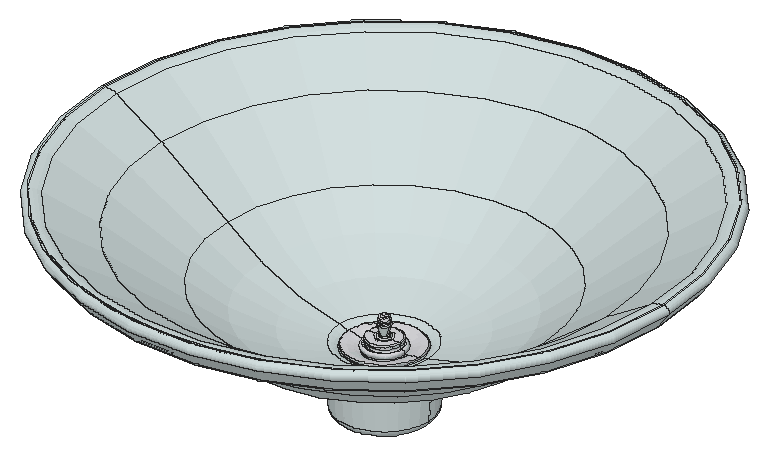
Revit family "Sink-Vessel-Lavatory-KOHLER-DERRING_CARILLON-K-17890BR_1", category Plumbing Fixtures, host Face, Revit 2017 (continued)
Definition of nested family "K-17890BR"
  Lines and regions (in)
    symbolic lines, detail levels medium+fine
      curve 1143: line (3.53175, -4.85848, 0) -> (3.01858, -4.26815, 0)
      curve 1144: line (3.53175, -4.85848, 0) -> (3.12522, -4.2079, 0)
      curve 1145: line (3.84821, -4.56814, 0) -> (3.32725, -4.04719, 0)
      curve 1146: line (3.84821, -4.56814, 0) -> (3.41866, -3.99811, 0)
      curve 1147: line (4.17215, -4.31297, 0) -> (3.60744, -3.82207, 0)
      curve 1148: line (4.17215, -4.31297, 0) -> (3.69161, -3.74029, 0)
      curve 1149: line (4.45363, -4.01023, 0) -> (3.85998, -3.56287, 0)
      curve 1150: line (4.45363, -4.01023, 0) -> (3.9187, -3.47529, 0)
      curve 1151: line (4.7129, -3.68647, 0) -> (4.08034, -3.27568, 0)
      curve 1152: line (4.7129, -3.68647, 0) -> (4.15236, -3.18175, 0)
      curve 1153: line (4.9525, -3.34924, 0) -> (4.30308, -2.9743, 0)
      curve 1154: line (4.9525, -3.34924, 0) -> (4.36463, -2.8732, 0)
      curve 1155: line (5.19462, -3.00368, 0) -> (4.49797, -2.6639, 0)
      curve 1156: line (5.19462, -3.00368, 0) -> (4.56426, -2.56229, 0)
      curve 1157: line (5.40552, -2.63358, 0) -> (4.67538, -2.35331, 0)
      curve 1158: line (5.40552, -2.63358, 0) -> (4.75789, -2.25967, 0)
      curve 1159: line (5.56458, -2.25272, 0) -> (4.86254, -2.02462, 0)
      curve 1160: line (5.56458, -2.25272, 0) -> (4.88814, -1.90805, 0)
      curve 1161: line (5.69608, -1.84859, 0) -> (4.98418, -1.65784, 0)
      curve 1162: line (5.69608, -1.84859, 0) -> (4.99936, -1.5671, 0)
      curve 1163: line (5.80103, -1.44546, 0) -> (5.07115, -1.31676, 0)
      curve 1164: line (5.80103, -1.44546, 0) -> (5.08184, -1.21178, 0)
      curve 1165: line (5.91516, -1.04438, 0) -> (5.12987, -0.97567, 0)
      curve 1166: line (5.91516, -1.04438, 0) -> (5.17629, -0.86016, 0)
      curve 1167: line (5.99196, -0.62972, 0) -> (5.2125, -0.6025, 0)
      curve 1168: line (5.99196, -0.62972, 0) -> (5.22663, -0.49477, 0)
      curve 1169: arc (5.2125, -0.6025, 0) -> (5.0784, -0.71503, 0) -> (5.17629, -0.86016, 0) r 0.13081
      curve 1170: arc (5.12987, -0.97567, 0) -> (5.00049, -1.07229, 0) -> (5.08184, -1.21178, 0) r 0.12125
      curve 1171: arc (4.99936, -1.5671, 0) -> (4.92255, -1.40961, 0) -> (5.07115, -1.31676, 0) r 0.13093
      curve 1172: arc (4.98418, -1.65784, 0) -> (4.82351, -1.73971, 0) -> (4.88814, -1.90805, 0) r 0.13475
      curve 1173: arc (4.86254, -2.02462, 0) -> (4.70439, -2.09503, 0) -> (4.75789, -2.25967, 0) r 0.12936
      curve 1174: arc (4.67538, -2.35331, 0) -> (4.52737, -2.40865, 0) -> (4.56426, -2.56229, 0) r 0.11923
      curve 1175: arc (4.36463, -2.8732, 0) -> (4.3379, -2.70904, 0) -> (4.49797, -2.6639, 0) r 0.12488
      curve 1176: arc (4.15236, -3.18175, 0) -> (4.13432, -3.01017, 0) -> (4.30308, -2.9743, 0) r 0.12892
      curve 1177: arc (4.08034, -3.27568, 0) -> (3.90966, -3.30272, 0) -> (3.9187, -3.47529, 0) r 0.12913
      curve 1178: arc (3.85998, -3.56287, 0) -> (3.69662, -3.57645, 0) -> (3.69161, -3.74029, 0) r 0.12308
      curve 1179: arc (3.60744, -3.82207, 0) -> (3.43379, -3.8251, 0) -> (3.41866, -3.99811, 0) r 0.12977
      curve 1180: arc (3.32725, -4.04719, 0) -> (3.15452, -4.03738, 0) -> (3.12522, -4.2079, 0) r 0.12991
      curve 1181: arc (3.01858, -4.26815, 0) -> (2.85515, -4.24736, 0) -> (2.81599, -4.40739, 0) r 0.12371
      curve 1182: arc (2.74885, -4.47421, 0) -> (2.56988, -4.43371, 0) -> (2.51242, -4.60797, 0) r 0.13645
      curve 1183: arc (2.38742, -4.64043, 0) -> (2.24249, -4.60024, 0) -> (2.18493, -4.73919, 0) r 0.11349
      curve 1184: arc (2.05019, -4.78312, 0) -> (1.9063, -4.73216, 0) -> (1.83819, -4.86878, 0) r 0.11519
      curve 1185: arc (1.7984, -4.97539, 0) -> (1.61593, -4.88291, 0) -> (1.50866, -5.0571, 0) r 0.15104
      curve 1186: arc (1.40423, -5.08744, 0) -> (1.24157, -5.00186, 0) -> (1.14079, -5.15557, 0) r 0.13668
      curve 1187: arc (1.03321, -5.13417, 0) -> (0.88984, -5.04717, 0) -> (0.78717, -5.17977, 0) r 0.12592
      curve 1188: arc (0.66643, -5.21065, 0) -> (0.53214, -5.11574, 0) -> (0.42264, -5.23842, 0) r 0.12348
      curve 1189: line (0.42264, -5.97426, 0) -> (0.29348, -5.24179, 0)
      curve 1190: line (0.53214, -5.11574, 0) -> (0.42433, -4.56112, 0)
      curve 1191: line (0.53214, -5.11574, 0) -> (0.53214, -4.52057, 0)
      curve 1192: line (0.88984, -5.04717, 0) -> (0.75182, -4.49359, 0)
      curve 1193: line (0.88984, -5.04717, 0) -> (0.84027, -4.48064, 0)
      curve 1194: line (1.24157, -5.00186, 0) -> (1.04697, -4.43671, 0)
      curve 1195: line (1.24157, -5.00186, 0) -> (1.14074, -4.43005, 0)
      curve 1196: line (1.61593, -4.88291, 0) -> (1.36026, -4.35872, 0)
      curve 1197: line (1.61593, -4.88291, 0) -> (1.46375, -4.35221, 0)
      curve 1198: line (1.9063, -4.73216, 0) -> (1.68972, -4.26772, 0)
      curve 1199: line (1.9063, -4.73216, 0) -> (1.76, -4.22195, 0)
      curve 1200: line (2.24249, -4.60024, 0) -> (1.9721, -4.13191, 0)
      curve 1201: line (2.24249, -4.60024, 0) -> (2.03439, -4.05811, 0)
      curve 1202: line (2.56988, -4.43371, 0) -> (2.23296, -3.95253, 0)
      curve 1203: line (2.56988, -4.43371, 0) -> (2.31958, -3.9205, 0)
      curve 1204: line (2.85515, -4.24736, 0) -> (2.50786, -3.80285, 0)
      curve 1205: line (2.85515, -4.24736, 0) -> (2.5866, -3.7423, 0)
      curve 1206: line (3.15452, -4.03738, 0) -> (2.77196, -3.61251, 0)
      curve 1207: line (3.15452, -4.03738, 0) -> (2.84326, -3.59285, 0)
      curve 1208: line (3.43379, -3.8251, 0) -> (3.03807, -3.42938, 0)
      curve 1209: line (3.43379, -3.8251, 0) -> (3.08641, -3.36411, 0)
      curve 1210: line (3.69662, -3.57645, 0) -> (3.25402, -3.20506, 0)
      curve 1211: line (3.69662, -3.57645, 0) -> (3.31537, -3.13786, 0)
      curve 1212: line (3.90966, -3.30272, 0) -> (3.48683, -2.96031, 0)
      curve 1213: line (3.90966, -3.30272, 0) -> (3.52826, -2.92132, 0)
      curve 1214: line (4.13432, -3.01017, 0) -> (3.68228, -2.7277, 0)
      curve 1215: line (4.13432, -3.01017, 0) -> (3.72259, -2.65226, 0)
      curve 1216: line (4.52737, -2.40865, 0) -> (4.02263, -2.18392, 0)
      curve 1217: line (4.3379, -2.70904, 0) -> (3.85146, -2.46119, 0)
      curve 1218: line (4.3379, -2.70904, 0) -> (3.90221, -2.3925, 0)
      curve 1219: line (4.52737, -2.40865, 0) -> (4.07289, -2.12465, 0)
      curve 1220: line (4.70439, -2.09503, 0) -> (4.17411, -1.91244, 0)
      curve 1221: line (4.70439, -2.09503, 0) -> (4.20706, -1.83059, 0)
      curve 1222: line (4.82351, -1.73971, 0) -> (4.29274, -1.60737, 0)
      curve 1223: line (4.82351, -1.73971, 0) -> (4.31493, -1.52383, 0)
      curve 1224: line (4.92255, -1.40961, 0) -> (4.38685, -1.29574, 0)
      curve 1225: line (4.92255, -1.40961, 0) -> (4.42703, -1.22926, 0)
      curve 1226: line (5.00049, -1.07229, 0) -> (4.48426, -0.99974, 0)
      curve 1227: line (5.00049, -1.07229, 0) -> (4.49862, -0.91885, 0)
      curve 1228: line (5.0784, -0.71503, 0) -> (4.54334, -0.67761, 0)
      curve 1229: line (5.0784, -0.71503, 0) -> (4.54249, -0.5913, 0)
      curve 1230: arc (4.49862, -0.91885, 0) -> (4.41332, -0.77828, 0) -> (4.54334, -0.67761, 0) r 0.12347
      curve 1231: arc (4.48426, -0.99974, 0) -> (4.35232, -1.08873, 0) -> (4.42703, -1.22926, 0) r 0.11893
      curve 1232: arc (4.38685, -1.29574, 0) -> (4.2473, -1.37712, 0) -> (4.31493, -1.52383, 0) r 0.12013
      curve 1233: arc (4.29274, -1.60737, 0) -> (4.15115, -1.68108, 0) -> (4.20706, -1.83059, 0) r 0.12045
      curve 1234: arc (4.17411, -1.91244, 0) -> (4.02879, -1.97337, 0) -> (4.07289, -2.12465, 0) r 0.11832
      curve 1235: arc (4.02263, -2.18392, 0) -> (3.86852, -2.234, 0) -> (3.90221, -2.3925, 0) r 0.12108
      curve 1236: arc (3.85146, -2.46119, 0) -> (3.70251, -2.49972, 0) -> (3.72259, -2.65226, 0) r 0.1161
      curve 1237: arc (3.68228, -2.7277, 0) -> (3.51886, -2.75578, 0) -> (3.52826, -2.92132, 0) r 0.1245
      curve 1238: arc (3.48683, -2.96031, 0) -> (3.31975, -2.97053, 0) -> (3.31537, -3.13786, 0) r 0.12388
      curve 1239: arc (3.25402, -3.20506, 0) -> (3.09923, -3.20979, 0) -> (3.08641, -3.36411, 0) r 0.11628
      curve 1240: arc (3.03807, -3.42938, 0) -> (2.86577, -3.42186, 0) -> (2.84326, -3.59285, 0) r 0.12764
      curve 1241: arc (2.77196, -3.61251, 0) -> (2.62187, -3.59541, 0) -> (2.5866, -3.7423, 0) r 0.11399
      curve 1242: arc (2.50786, -3.80285, 0) -> (2.36075, -3.77691, 0) -> (2.31958, -3.9205, 0) r 0.11162
      curve 1243: arc (2.23296, -3.95253, 0) -> (2.08697, -3.91748, 0) -> (2.03439, -4.05811, 0) r 0.11329
      curve 1244: arc (1.9721, -4.13191, 0) -> (1.82622, -4.0831, 0) -> (1.76, -4.22195, 0) r 0.11608
      curve 1245: arc (1.68972, -4.26772, 0) -> (1.53769, -4.20552, 0) -> (1.46375, -4.35221, 0) r 0.121
      curve 1246: arc (1.36026, -4.35872, 0) -> (1.2195, -4.29897, 0) -> (1.14074, -4.43005, 0) r 0.11654
      curve 1247: arc (1.04697, -4.43671, 0) -> (0.92419, -4.36724, 0) -> (0.84027, -4.48064, 0) r 0.10645
      curve 1248: arc (0.75182, -4.49359, 0) -> (0.63004, -4.4099, 0) -> (0.53214, -4.52057, 0) r 0.1115
      curve 1249: line (0.63004, -4.4099, 0) -> (0.63004, -3.57627, 0)
      curve 1250: line (0.63004, -3.57627, 0) -> (0.91086, -4.371, 0)
      curve 1251: line (0.91086, -4.371, 0) -> (0.86553, -3.50614, 0)
      curve 1252: line (0.86553, -3.50614, 0) -> (1.20934, -4.30281, 0)
      curve 1253: line (1.20934, -4.30281, 0) -> (1.11873, -3.44075, 0)
      curve 1254: line (1.11873, -3.44075, 0) -> (1.52379, -4.21174, 0)
      curve 1255: line (1.52379, -4.21174, 0) -> (1.35705, -3.35396, 0)
      curve 1256: line (1.35705, -3.35396, 0) -> (1.81073, -4.0911, 0)
      curve 1257: line (1.81073, -4.0911, 0) -> (1.58576, -3.2515, 0)
      curve 1258: line (1.58576, -3.2515, 0) -> (2.07373, -3.92574, 0)
      curve 1259: line (2.07373, -3.92574, 0) -> (1.81714, -3.13602, 0)
      curve 1260: line (1.81714, -3.13602, 0) -> (2.34915, -3.78524, 0)
      curve 1261: line (2.34915, -3.78524, 0) -> (2.01429, -2.99636, 0)
      curve 1262: line (2.01429, -2.99636, 0) -> (2.61697, -3.59904, 0)
      curve 1263: line (2.61697, -3.59904, 0) -> (2.23563, -2.85062, 0)
      curve 1264: line (2.23563, -2.85062, 0) -> (2.85478, -3.43225, 0)
      curve 1265: line (2.85478, -3.43225, 0) -> (2.42438, -2.68677, 0)
      curve 1266: line (2.42438, -2.68677, 0) -> (3.08868, -3.22124, 0)
      curve 1267: line (3.08868, -3.22124, 0) -> (2.59826, -2.52085, 0)
      curve 1268: line (2.59826, -2.52085, 0) -> (3.30551, -2.98828, 0)
      curve 1269: line (3.30551, -2.98828, 0) -> (2.76496, -2.32076, 0)
      curve 1270: line (2.76496, -2.32076, 0) -> (3.50963, -2.76907, 0)
      curve 1271: line (3.50963, -2.76907, 0) -> (2.92293, -2.11747, 0)
      curve 1272: line (2.92293, -2.11747, 0) -> (3.69536, -2.51184, 0)
      curve 1273: line (3.69536, -2.51184, 0) -> (3.06829, -1.88478, 0)
      curve 1274: line (3.06829, -1.88478, 0) -> (3.86308, -2.2446, 0)
      curve 1275: line (3.86308, -2.2446, 0) -> (3.19474, -1.70339, 0)
      curve 1276: line (3.19474, -1.70339, 0) -> (4.0236, -1.98611, 0)
      curve 1277: line (4.0236, -1.98611, 0) -> (3.29285, -1.47443, 0)
      curve 1278: line (3.29285, -1.47443, 0) -> (4.14695, -1.69422, 0)
      curve 1279: line (4.14695, -1.69422, 0) -> (3.39829, -1.2264, 0)
      curve 1280: line (3.39829, -1.2264, 0) -> (4.24394, -1.39038, 0)
      curve 1281: line (4.24394, -1.39038, 0) -> (3.46878, -0.99542, 0)
      curve 1282: line (3.46878, -0.99542, 0) -> (4.34966, -1.10308, 0)
      curve 1283: line (4.34966, -1.10308, 0) -> (3.54258, -0.74374, 0)
      curve 1284: line (3.54258, -0.74374, 0) -> (4.41146, -0.79369, 0)
      curve 1285: line (4.41146, -0.79369, 0) -> (3.55922, -0.50024, 0)
      curve 1286: line (3.55922, -0.50024, 0) -> (4.46684, -0.50024, 0)
      curve 1287: line (3.55922, -0.50024, 0) -> (1.76826, -0.24854, 0)
      curve 1288: line (1.76826, -0.24854, 0) -> (3.54258, -0.74374, 0)
      curve 1289: line (3.54258, -0.74374, 0) -> (1.70271, -0.48517, 0)
      curve 1290: line (1.70271, -0.48517, 0) -> (3.46878, -0.99542, 0)
      curve 1291: line (3.46878, -0.99542, 0) -> (1.65513, -0.60991, 0)
      curve 1292: line (1.65513, -0.60991, 0) -> (3.39829, -1.2264, 0)
      curve 1293: line (3.39829, -1.2264, 0) -> (1.6151, -0.71508, 0)
      curve 1294: line (1.6151, -0.71508, 0) -> (3.29285, -1.47443, 0)
      curve 1295: line (3.29285, -1.47443, 0) -> (1.6285, -0.93365, 0)
      curve 1296: line (1.6285, -0.93365, 0) -> (3.19474, -1.70339, 0)
      curve 1297: line (3.19474, -1.70339, 0) -> (1.50054, -1.01889, 0)
      curve 1298: line (1.50054, -1.01889, 0) -> (3.06829, -1.88478, 0)
      curve 1299: line (3.06829, -1.88478, 0) -> (1.48225, -1.1452, 0)
      curve 1300: line (1.48225, -1.1452, 0) -> (2.92293, -2.11747, 0)
      curve 1301: line (2.92293, -2.11747, 0) -> (1.39234, -1.26905, 0)
      curve 1302: line (1.39234, -1.26905, 0) -> (2.76496, -2.32076, 0)
      curve 1303: line (2.76496, -2.32076, 0) -> (1.38121, -1.42214, 0)
      curve 1304: line (1.38121, -1.42214, 0) -> (2.59826, -2.52085, 0)
      curve 1305: line (2.59826, -2.52085, 0) -> (1.21924, -1.44344, 0)
      curve 1306: line (1.21924, -1.44344, 0) -> (2.45667, -2.68088, 0)
      curve 1307: line (2.42438, -2.68677, 0) -> (1.15107, -1.5799, 0)
      curve 1308: line (1.15107, -1.5799, 0) -> (2.23563, -2.85062, 0)
      curve 1309: line (2.23563, -2.85062, 0) -> (1.04984, -1.66483, 0)
      curve 1310: line (1.04984, -1.66483, 0) -> (2.01429, -2.99636, 0)
      curve 1311: line (2.01429, -2.99636, 0) -> (0.97468, -1.7574, 0)
      curve 1312: line (0.97468, -1.7574, 0) -> (1.81714, -3.13602, 0)
      curve 1313: line (1.81714, -3.13602, 0) -> (0.86244, -1.77257, 0)
      curve 1314: line (0.86244, -1.77257, 0) -> (1.58576, -3.2515, 0)
      curve 1315: line (1.58576, -3.2515, 0) -> (0.73843, -1.84129, 0)
      curve 1316: line (0.73843, -1.84129, 0) -> (1.35705, -3.35396, 0)
      curve 1317: line (1.35705, -3.35396, 0) -> (0.56257, -1.79469, 0)
      curve 1318: line (0.56257, -1.79469, 0) -> (1.11873, -3.44075, 0)
      curve 1319: line (1.11873, -3.44075, 0) -> (0.48444, -1.94646, 0)
      curve 1320: line (0.48444, -1.94646, 0) -> (0.86553, -3.50614, 0)
      curve 1321: line (0.86553, -3.50614, 0) -> (0.34636, -1.99836, 0)
      curve 1322: line (0.34636, -1.99836, 0) -> (0.63004, -3.57627, 0)
      curve 1323: line (-0.23476, 7.10221, 0) -> (-0.1149, 6.12597, 0)
      curve 1324: line (0.23476, 7.10221, 0) -> (0.13238, 6.12813, 0)
      curve 1325: arc (-0.1149, 6.12597, 0) -> (0.00971, 6.0167, 0) -> (0.13238, 6.12813, 0) r 0.12444
      curve 1326: line (0.00971, 6.0167, 0) -> (-0.08538, 5.2423, 0)
      curve 1327: line (0.00971, 6.0167, 0) -> (0.07833, 5.23233, 0)
      curve 1328: arc (-0.29262, 5.23688, 0) -> (-0.18666, 5.15031, 0) -> (-0.08538, 5.2423, 0) r 0.10481
      curve 1329: arc (0.07833, 5.23233, 0) -> (0.1802, 5.13481, 0) -> (0.29018, 5.22308, 0) r 0.10694
      curve 1330: line (-0.18666, 5.15031, 0) -> (-0.24809, 4.56586, 0)
      curve 1331: line (-0.18666, 5.15031, 0) -> (-0.121, 4.61558, 0)
      curve 1332: line (0.1802, 5.13481, 0) -> (0.09736, 4.61177, 0)
      curve 1333: line (0.1802, 5.13481, 0) -> (0.2282, 4.58623, 0)
      curve 1334: arc (-0.42376, 4.55819, 0) -> (-0.33262, 4.48634, 0) -> (-0.24809, 4.56586, 0) r 0.0889
      curve 1335: arc (-0.121, 4.61558, 0) -> (-0.01348, 4.51876, 0) -> (0.09736, 4.61177, 0) r 0.11027
      curve 1336: arc (0.2282, 4.58623, 0) -> (0.32316, 4.49452, 0) -> (0.42718, 4.5758, 0) r 0.10061
      curve 1337: line (-0.63004, 4.4099, 0) -> (-0.40116, 3.61167, 0)
      curve 1338: line (-0.40116, 3.61167, 0) -> (-0.34245, 4.48646, 0)
      curve 1339: line (-0.34245, 4.48646, 0) -> (-0.16296, 3.64203, 0)
      curve 1340: line (-0.16296, 3.64203, 0) -> (-0.02827, 4.52002, 0)
      curve 1341: line (-0.02827, 4.52002, 0) -> (0.15379, 3.66348, 0)
      curve 1342: line (0.15379, 3.66348, 0) -> (0.30988, 4.49611, 0)
      curve 1343: line (0.30988, 4.49611, 0) -> (0.38368, 3.65255, 0)
      curve 1344: line (0.38368, 3.65255, 0) -> (0.63004, 4.4099, 0)
      curve 1345: line (-0.34636, 1.99836, 0) -> (-0.40116, 3.61167, 0)
      curve 1346: line (-0.40116, 3.61167, 0) -> (-0.20562, 2.01915, 0)
      curve 1347: line (-0.20562, 2.01915, 0) -> (-0.16296, 3.64203, 0)
      curve 1348: line (-0.16296, 3.64203, 0) -> (0, 2.04182, 0)
      curve 1349: line (0, 2.04182, 0) -> (0.15379, 3.66348, 0)
      curve 1350: line (0.15379, 3.66348, 0) -> (0.15379, 2.05006, 0)
      curve 1351: line (0.15379, 2.05006, 0) -> (0.38368, 3.65255, 0)
      curve 1352: line (0.38368, 3.65255, 0) -> (0.38368, 2.06652, 0)
      curve 1353: line (-0.23476, -7.10221, 0) -> (-0.1149, -6.12597, 0)
      curve 1354: line (0.23476, -7.10221, 0) -> (0.13238, -6.12813, 0)
      curve 1355: arc (-0.1149, -6.12597, 0) -> (0.00971, -6.0167, 0) -> (0.13238, -6.12813, 0) r 0.12444
      curve 1356: line (0.00971, -6.0167, 0) -> (-0.08538, -5.2423, 0)
      curve 1357: line (0.00971, -6.0167, 0) -> (0.07833, -5.23233, 0)
      curve 1358: arc (-0.29262, -5.23688, 0) -> (-0.18666, -5.15031, 0) -> (-0.08538, -5.2423, 0) r 0.10481
      curve 1359: line (-0.18666, -5.15031, 0) -> (-0.24809, -4.56586, 0)
      curve 1360: line (-0.18666, -5.15031, 0) -> (-0.121, -4.61558, 0)
      curve 1361: line (0.1802, -5.13481, 0) -> (0.09736, -4.61177, 0)
      curve 1362: line (0.1802, -5.13481, 0) -> (0.2282, -4.58623, 0)
      curve 1363: arc (-0.42376, -4.55819, 0) -> (-0.33262, -4.48634, 0) -> (-0.24809, -4.56586, 0) r 0.0889
      curve 1364: arc (-0.121, -4.61558, 0) -> (-0.01348, -4.51876, 0) -> (0.09736, -4.61177, 0) r 0.11027
      curve 1365: arc (0.2282, -4.58623, 0) -> (0.32316, -4.49452, 0) -> (0.42718, -4.5758, 0) r 0.10061
      curve 1366: line (-0.40116, -3.61167, 0) -> (-0.34245, -4.48646, 0)
      curve 1367: line (-0.34245, -4.48646, 0) -> (-0.16296, -3.64203, 0)
      curve 1368: line (-0.16296, -3.64203, 0) -> (-0.02827, -4.52002, 0)
      curve 1369: line (-0.02827, -4.52002, 0) -> (0.15379, -3.66348, 0)
      curve 1370: line (0.15379, -3.66348, 0) -> (0.30988, -4.49611, 0)
      curve 1371: line (0.30988, -4.49611, 0) -> (0.38368, -3.65255, 0)
      curve 1372: line (-0.40116, -3.61167, 0) -> (-0.20562, -2.01915, 0)
      curve 1373: line (-0.20562, -2.01915, 0) -> (-0.16296, -3.64203, 0)
      curve 1374: line (-0.16296, -3.64203, 0) -> (0, -2.04182, 0)
      curve 1375: line (0, -2.04182, 0) -> (0.15379, -3.66348, 0)
      curve 1376: line (0.15379, -3.66348, 0) -> (0.15379, -2.05006, 0)
      curve 1377: line (0.15379, -2.05006, 0) -> (0.38368, -3.65255, 0)
      curve 1378: line (0.35915, -3.48152, 0) -> (0.35915, -1.98152, 0)
      curve 1379: line (0.63004, -4.4099, 0) -> (0.38368, -3.65255, 0)
      curve 1380: arc (-7.2489, 0.15516, 0) -> (-7.10919, 0, 0) -> (-7.2489, -0.15516, 0) r 0.15602
      curve 1381: line (-7.10919, 0, 0) -> (-6.13615, 0.11947, 0)
      curve 1382: line (-7.10919, 0, 0) -> (-6.13415, -0.10248, 0)
      curve 1383: arc (-6.13407, 0.35765, 0) -> (-6.03067, 0.23765, 0) -> (-6.13615, 0.11947, 0) r 0.12012
      curve 1384: arc (-6.13415, -0.10248, 0) -> (-6.01932, -0.22779, 0) -> (-6.12971, -0.35704, 0) r 0.12826
      curve 1385: line (-6.03067, 0.23765, 0) -> (-5.23373, 0.32141, 0)
      curve 1386: line (-6.03067, 0.23765, 0) -> (-5.30042, 0.20888, 0)
      curve 1387: line (-6.01932, -0.22779, 0) -> (-5.27806, -0.08371, 0)
      curve 1388: line (-6.01932, -0.22779, 0) -> (-5.28918, -0.22779, 0)
      curve 1389: arc (-5.22767, 0.49496, 0) -> (-5.15527, 0.40555, 0) -> (-5.23373, 0.32141, 0) r 0.08768
      curve 1390: arc (-5.30042, 0.20888, 0) -> (-5.15896, 0.07254, 0) -> (-5.27806, -0.08371, 0) r 0.14771
      curve 1391: arc (-5.28918, -0.22779, 0) -> (-5.15177, -0.35371, 0) -> (-5.26523, -0.50158, 0) r 0.13794
      curve 1392: line (-5.15527, 0.40555, 0) -> (-4.57103, 0.40555, 0)
      curve 1393: line (-5.15527, 0.40555, 0) -> (-4.59346, 0.31657, 0)
      curve 1394: line (-5.15896, 0.07254, 0) -> (-4.6016, 0.11515, 0)
      curve 1395: line (-5.15896, 0.07254, 0) -> (-4.58092, -0.03982, 0)
      curve 1396: line (-5.15177, -0.35371, 0) -> (-4.57925, -0.23202, 0)
      curve 1397: line (-5.15177, -0.35371, 0) -> (-4.60135, -0.35371, 0)
      curve 1398: arc (-4.54968, 0.59296, 0) -> (-4.47672, 0.48973, 0) -> (-4.57103, 0.40555, 0) r 0.09492
      curve 1399: arc (-4.59346, 0.31657, 0) -> (-4.50793, 0.21224, 0) -> (-4.6016, 0.11515, 0) r 0.10148
      curve 1400: arc (-4.58092, -0.03982, 0) -> (-4.50157, -0.13523, 0) -> (-4.57925, -0.23202, 0) r 0.09807
      curve 1401: arc (-4.60135, -0.35371, 0) -> (-4.47819, -0.46364, 0) -> (-4.57346, -0.59845, 0) r 0.12396
      curve 1402: line (-4.46684, 0.50024, 0) -> (-3.49183, 0.23899, 0)
      curve 1403: line (-3.49183, 0.23899, 0) -> (-4.51041, 0.23899, 0)
      curve 1404: line (-4.51041, 0.23899, 0) -> (-3.5, 0, 0)
      curve 1405: line (-4.50157, -0.13523, 0) -> (-3.5, 0, 0)
      curve 1406: line (-4.50157, -0.13523, 0) -> (-3.49167, -0.24138, 0)
      curve 1407: line (-4.46684, -0.50024, 0) -> (-3.49167, -0.24138, 0)
      curve 1408: line (-3.49183, 0.23899, 0) -> (-1.84001, 0.09447, 0)
      curve 1409: line (-1.84001, 0.09447, 0) -> (-3.5, 0, 0)
      curve 1410: line (-3.5, 0, 0) -> (-1.82136, -0.08797, 0)
      curve 1411: line (-1.82136, -0.08797, 0) -> (-3.49167, -0.24138, 0)
      curve 1412: arc (7.24834, 0.1551, 0) -> (7.10919, 0, 0) -> (7.24834, -0.1551, 0) r 0.15602
      curve 1413: line (7.10919, 0, 0) -> (6.13615, 0.11947, 0)
      curve 1414: line (7.10919, 0, 0) -> (6.13415, -0.10248, 0)
      curve 1415: arc (6.13407, 0.35765, 0) -> (6.03067, 0.23765, 0) -> (6.13615, 0.11947, 0) r 0.12012
      curve 1416: arc (6.13415, -0.10248, 0) -> (6.01932, -0.22779, 0) -> (6.12971, -0.35704, 0) r 0.12826
      curve 1417: line (6.03067, 0.23765, 0) -> (5.23373, 0.32141, 0)
      curve 1418: line (6.03067, 0.23765, 0) -> (5.30042, 0.20888, 0)
      curve 1419: line (6.01932, -0.22779, 0) -> (5.27806, -0.08371, 0)
      curve 1420: line (6.01932, -0.22779, 0) -> (5.28918, -0.22779, 0)
      curve 1421: arc (5.22663, 0.49477, 0) -> (5.15529, 0.40502, 0) -> (5.23373, 0.32141, 0) r 0.08768
      curve 1422: arc (5.30042, 0.20888, 0) -> (5.15896, 0.07254, 0) -> (5.27806, -0.08371, 0) r 0.14771
      curve 1423: arc (5.28918, -0.22779, 0) -> (5.15177, -0.35371, 0) -> (5.26523, -0.50158, 0) r 0.13794
      curve 1424: line (5.15527, 0.40555, 0) -> (4.59346, 0.31657, 0)
      curve 1425: line (5.15896, 0.07254, 0) -> (4.6016, 0.11515, 0)
      curve 1426: line (5.15896, 0.07254, 0) -> (4.58092, -0.03982, 0)
      curve 1427: line (5.15177, -0.35371, 0) -> (4.57925, -0.23202, 0)
      curve 1428: line (5.15177, -0.35371, 0) -> (4.60135, -0.35371, 0)
      curve 1429: arc (4.59346, 0.31657, 0) -> (4.50793, 0.21224, 0) -> (4.6016, 0.11515, 0) r 0.10148
      curve 1430: arc (4.58092, -0.03982, 0) -> (4.50157, -0.13523, 0) -> (4.57925, -0.23202, 0) r 0.09807
      curve 1431: arc (4.60135, -0.35371, 0) -> (4.47819, -0.46364, 0) -> (4.57346, -0.59845, 0) r 0.12396
      curve 1432: line (4.46684, 0.50024, 0) -> (3.49183, 0.23899, 0)
      curve 1433: line (3.49183, 0.23899, 0) -> (4.51041, 0.23899, 0)
      curve 1434: line (4.51041, 0.23899, 0) -> (3.5, 0, 0)
      curve 1435: line (4.50157, -0.13523, 0) -> (3.5, 0, 0)
      curve 1436: line (4.50157, -0.13523, 0) -> (3.49167, -0.24138, 0)
      curve 1437: line (4.46684, -0.50024, 0) -> (3.49167, -0.24138, 0)
      curve 1438: line (3.49183, 0.23899, 0) -> (1.84001, 0.09447, 0)
      curve 1439: line (1.84001, 0.09447, 0) -> (3.5, 0, 0)
      curve 1440: line (3.5, 0, 0) -> (1.82136, -0.08797, 0)
      curve 1441: line (1.82136, -0.08797, 0) -> (3.49167, -0.24138, 0)
    symbolic lines
      curve 9: circle (0, 0, 0) r 1.0967 normal (0, 0, 1)
  Dimensions and locks (in)
    plane 5 to plane 4 = 17 11/16"
    plane 6 to plane 7 = 17 11/16"
    plane 8 to plane 2 = 6"
    plane 8 to plane 9 = 3/4"
    aligned and locked: plane 2 to level
Types (3): name | Type | Product Page URL | Model | Finish
  (no name) | 1 | "https://br.kohler.com/product-detail/17890br-rl?skuid=K-17890BR-RL-K8" | "K-17890BR-RL-K8" | Kohler-Vitreous_China-K8-Translucent_White
  K8-Translucent White | 1 | "https://br.kohler.com/product-detail/17890br-rl?skuid=K-17890BR-RL-K8" | "K-17890BR-RL-K8" | Kohler-Vitreous_China-K8-Translucent_White
  RB2-Bourbon Rutile | 2 | "https://br.kohler.com/product-detail/17890br-rl?skuid=K-17890BR-RL-RB2" | "K-17890BR-RL-RB2" | Kohler-Vitreous_China-RB2-Bourbon_Rutile
